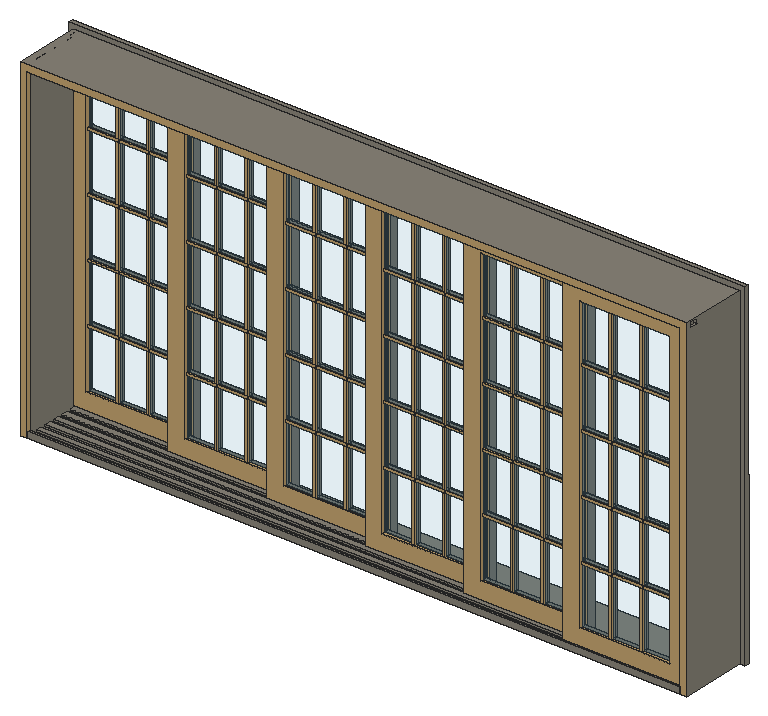
Revit family (continued)
Definition of nested family "Door_Section_Detail"
  Definition of nested family "Head_Detail"
    Lines and regions (in)
      detail lines, style "Cut Lines", in view "Ref. Level", visible <- "Panel 4"
        curve 26: line (-1.5, -8.76562, 0) -> (-1.5, -9.30469, 0)
        curve 27: line (-1.5, -9.30469, 0) -> (-0.25, -9.30469, 0)
        curve 28: line (-1.5, -8.76562, 0) -> (-0.25, -8.76562, 0)
        curve 41: line (-0.25, -11.77734, 0) -> (-0.25, -9.30469, 0)
      detail lines, style "Cut Lines", in view "Ref. Level", visible <- "Panel 3"
        curve 29: line (-1.5, -5.75391, 0) -> (-1.5, -6.29297, 0)
        curve 30: line (-1.5, -6.29297, 0) -> (-0.25, -6.29297, 0)
        curve 31: line (-1.5, -5.75391, 0) -> (-0.25, -5.75391, 0)
        curve 39: line (-0.25, -8.76562, 0) -> (-0.25, -6.29297, 0)
      detail lines, style "InvisibleLines", in view "Ref. Level"
        curve 36: line (-0.25, -3.28125, 0) -> (-0.25, -2.74219, 0)
      detail lines, style "InvisibleLines", in view "Ref. Level", visible <- "Panel 3"
        curve 38: line (-0.25, -6.29297, 0) -> (-0.25, -5.75391, 0)
      detail lines, style "InvisibleLines", in view "Ref. Level", visible <- "Panel 4"
        curve 40: line (-0.25, -9.30469, 0) -> (-0.25, -8.76562, 0)
      detail lines, style "InvisibleLines", in view "Ref. Level", visible <- "Panel 5"
        curve 42: line (-0.25, -12.31641, 0) -> (-0.25, -11.77734, 0)
      detail lines, style "InvisibleLines", in view "Ref. Level", visible <- "Panel 6"
        curve 44: line (-0.25, -15.32813, 0) -> (-0.25, -14.78906, 0)
    Dimensions and locks (in)
      "Jamb Depth": curve 11 to plane 1 "Center (Front/Back)"
      curve 11 to curve 14 to curve 18 = 0' - 0 25/32" locked, 0' - 0 1/4" locked
      locked: curve 22 to curve 20 at 0.25
      equal spacing: plane 8, plane 7, plane 6, plane 5, plane 4, plane 1 "Center (Front/Back)"
      curve 33 to plane 4 to curve 34 = 0' - 0 69/256" locked, 0' - 0 69/256" locked
      curve 30 to plane 5 to curve 31 = 0' - 0 69/256" locked, 0' - 0 69/256" locked
      curve 27 to plane 6 to curve 28 = 0' - 0 69/256" locked, 0' - 0 69/256" locked
      curve 24 to plane 7 to curve 25 = 0' - 0 69/256" locked, 0' - 0 69/256" locked
      curve 16 to plane 8 to curve 19 = 0' - 0 69/256" locked, 0' - 0 69/256" locked
    Automatic sketch dimensions
      curve 10 to plane 1 "Center (Front/Back)" = 0' - 0"
      curve 11 to plane 3 "Center (Left/Right)" = 0' - 0"
      curve 4 to plane 1 "Center (Front/Back)" = 0' - 0"
      curve 27 to plane 3 "Center (Left/Right)" = 0' - 0 1/4"
      curve 9 to plane 1 "Center (Front/Back)" = 0' - 0 13/32"
      curve 9 to plane 3 "Center (Left/Right)" = 0' - 0 27/32"
      curve 27 to curve 27 = 0' - 1 1/4"
      curve 19 to curve 19 = 0' - 1 1/4"
      curve 17 to curve 13 = 0' - 1 1/4"
      curve 20 to curve 8 = 0' - 0 21/32"
      curve 23 to curve 24 = 0' - 1 1/4"
      curve 34 to curve 34 = 0' - 1 1/4"
      curve 31 to curve 31 = 0' - 1 1/4"
      curve 20 to curve 20 = 0' - 0 5/16"
      curve 14 to curve 14 = 0' - 0.471"
      plane 3 "Center (Left/Right)" to curve 4 = 0' - 0.14"
      curve 2 to plane 1 "Center (Front/Back)" = 0' - 0.04499"
      curve 1 to curve 2 = 0' - 1.3275"
      plane 1 "Center (Front/Back)" to curve 5 = 0' - 0.11"
      curve 2 to curve 7 = 0' - 1.04851"
      curve 19 to plane 8 = 0' - 0 69/256"
      plane 8 to curve 16 = 0' - 0 69/256"
  Definition of nested family "Panel_Section"
    Parameters (values of type "Panel_Detail")
      Height = 7' - 11 9/32"
      Assembly Code = ""
    Reference planes (in)
      plane 1 "Bottom": y = 0
      plane 2: z = 0
      plane 3 "Center (Left/Right)": x = 0
      plane 4: x = 2.21875
      plane 5: y = 95.28125
    Lines and regions (in)
      detail lines, style "Cut Lines", in view "Ref. Level"
        curve 1: line (0.4863, 4.07825, 0) -> (0.4863, 91.203, 0)
        curve 2: line (0.6738, 4.07825, 0) -> (0.6738, 91.203, 0)
        curve 3: line (1.2363, 91.203, 0) -> (1.2363, 4.07825, 0)
        curve 4: line (1.4238, 4.07825, 0) -> (1.4238, 91.203, 0)
    Dimensions and locks (in)
      locked: plane 3 "Center (Left/Right)" to plane 4 at 2.21875
      "Height": plane 1 "Bottom" to plane 5
      aligned and locked: nested 2 to plane 5
      aligned and locked: nested 2 to plane 3 "Center (Left/Right)"
      aligned and locked: nested 1 to plane 1 "Bottom"
      aligned and locked: plane 3 "Center (Left/Right)" to nested 1
      aligned and locked: curve 1 to nested 1  (x2)
      aligned and locked: curve 2 to nested 1
      aligned and locked: nested 1 to curve 2
      aligned and locked: nested 2 to curve 2
      aligned and locked: curve 3 to nested 2
      aligned and locked: nested 1 to curve 3
      aligned and locked: nested 2 to curve 3
      aligned and locked: nested 1 to curve 4
      aligned and locked: curve 4 to nested 1
    Automatic sketch dimensions
      curve 4 to curve 3 = 0' - 0"
      curve 1 to curve 2 = 0' - 0"
    Nested families (in)
      nested 1: "Stile_Detail" at (0, 0, 0) x (0, 1, 0) z (0, 0, 1), type "Stile_Detail", in view "Ref. Level"
      nested 2: "Stile_Detail" at (0, 95.28125, 0) x (0, -1, 0) z (0, 0, 1), type "Stile_Detail", in view "Ref. Level"
    Definition of nested family "Stile_Detail"
      Parameters (values of type "Stile_Detail")
        Assembly Code = ""
      Reference planes (in)
        plane 1 "Center (Front/Back)": y = 0
        plane 2: z = 0
        plane 3 "Center (Left/Right)": x = 0
      Lines and regions (in)
        detail lines, style "Cut Lines", in view "Ref. Level"
          curve 1: line (0, 0, 0) -> (4.48438, 0, 0)
          curve 2: line (4.73438, -2.21875, 0) -> (0, -2.21875, 0)
          curve 3: line (4.73438, -0.39904, 0) -> (4.73438, -0.4375, 0)
          curve 4: line (0, -2.21875, 0) -> (0, 0, 0)
          curve 5: line (4.48438, 0, 0) -> (4.48438, -0.14904, 0)
          curve 6: line (4.48438, -0.14904, 0) -> (4.73438, -0.39904, 0)
          curve 7: line (4, -0.4375, 0) -> (4, -1.5, 0)
          curve 8: line (4, -0.4375, 0) -> (4.73438, -0.4375, 0)
          curve 9: line (4, -1.5, 0) -> (4.73438, -1.5, 0)
          curve 10: line (4.73438, -1.5, 0) -> (4.73438, -2.21875, 0)
          curve 11: line (4.07825, -0.4863, 0) -> (4.07825, -1.4238, 0)
          curve 12: line (4.38075, -0.6738, 0) -> (4.38075, -1.2363, 0)
  Definition of nested family "BMC_Detail"
    Parameters (values of type "BMC_Detail")
      Assembly Code = ""
    Reference planes (in)
      plane 1 "Center (Front/Back)": y = 0
      plane 2: z = 0
      plane 3 "Center (Left/Right)": x = 0
    Lines and regions (in)
      detail lines, style "Cut Lines", in view "Ref. Level"
        curve 1: line (-1.25, 0.71589, 0) -> (-1.25, 1.3125, 0)
        curve 2: line (-1.25, 1.3125, 0) -> (0, 1.3125, 0)
        curve 3: line (0, 0, 0) -> (-1.09375, 0, 0)
        curve 4: line (-1.09375, 0, 0) -> (-1.09375, 0.38081, 0)
        curve 5: line (-1.09375, 0.38081, 0) -> (-1.25, 0.71589, 0)
        curve 6: line (0, 0, 0) -> (0, 1.3125, 0)
  Definition of nested family "Flat_Casing_Detail"
    Parameters (values of type "Flat_Casing_Detail")
      Assembly Code = ""
    Reference planes (in)
      plane 1 "Center (Front/Back)": y = 0
      plane 2: z = 0
      plane 3 "Center (Left/Right)": x = 0
    Lines and regions (in)
      detail lines, style "Cut Lines", in view "Ref. Level"
        curve 1: line (-1.09375, 3, 0) -> (0, 3, 0)
        curve 2: line (0, 0, 0) -> (-1.09375, 0, 0)
        curve 3: line (-1.09375, 0, 0) -> (-1.09375, 3, 0)
        curve 4: line (0, 0, 0) -> (0, 3, 0)
  Definition of nested family "Sill_Detail"
    Parameters (values of type "Sill_Detail")
      Performance Sill = yes
      Panel 6 = yes
      Panel 5 = yes
      Panel 4 = yes
      Panel 3 = yes
      Jamb Depth = 1' - 6 55/64"
      Flush Sill = no
      Assembly Code = ""
    Reference planes (in)
      plane 1 "Center (Front/Back)": y = 0
      plane 2: z = 0
      plane 3 "Center (Left/Right)": x = 0
      plane 4: y = -1.50586
      plane 5: y = -4.51758
      plane 6: y = -7.5293
      plane 7: y = -10.54102
      plane 8: y = -13.55273
      plane 9: y = -16.56445
    Lines and regions (in)
      detail lines, style "Cut Lines", in view "Ref. Level"
        curve 1: line (0, 1.03125, 0) -> (0, -18.85938, 0)
        curve 2: line (0, 1.03125, 0) -> (0.75, 1.03125, 0)
        curve 3: line (0.75, 1.03125, 0) -> (0.75, -0.63177, 0)
        curve 10: line (0.75, -18.39062, 0) -> (0.75, -17.12695, 0)
        curve 11: line (0.75, -17.12695, 0) -> (0.25, -17.12695, 0)
        curve 13: line (0.75, -0.63177, 0) -> (0.25, -0.63177, 0)
        curve 23: line (0.75, -2.06836, 0) -> (0.75, -3.64258, 0)
        curve 24: line (0.75, -3.64258, 0) -> (0.25, -3.64258, 0)
        curve 25: line (0.75, -2.06836, 0) -> (0.25, -2.06836, 0)
        curve 26: line (0.25, -2.06836, 0) -> (0.25, -1.55751, 0)
        curve 28: line (0.25, -5.08008, 0) -> (0.25, -3.64258, 0)
        curve 37: line (0.75, -18.85938, 0) -> (0, -18.85938, 0)
        curve 38: line (0.375, -1.88086, 0) -> (0.375, -1.75586, 0)
        curve 39: line (1.21875, -0.81981, 0) -> (0.375, -0.81981, 0)
        curve 40: line (1.21875, -1.88086, 0) -> (0.375, -1.88086, 0)
        curve 41: line (0.965, -0.94481, 0) -> (0.375, -0.94481, 0)
        curve 42: line (0.965, -1.75586, 0) -> (0.965, -0.94481, 0)
        curve 43: line (0.375, -0.94481, 0) -> (0.375, -0.81981, 0)
        curve 76: line (0.65964, -4.29883, 0) -> (0.455, -4.29883, 0)
        curve 77: line (0.65964, -4.51758, 0) -> (0.455, -4.51758, 0)
        curve 78: line (0.65964, -4.29883, 0) -> (0.65964, -4.51758, 0)
        curve 79: line (0.455, -4.51758, 0) -> (0.37044, -4.67383, 0)
        curve 80: line (0.37044, -4.67383, 0) -> (0.25, -4.67383, 0)
        curve 81: line (0.455, -4.29883, 0) -> (0.37044, -4.14258, 0)
        curve 82: line (0.37044, -4.14258, 0) -> (0.25, -4.14258, 0)
        curve 83: line (0.25, -4.14258, 0) -> (0.25, -4.67383, 0)
        curve 84: line (0.25, -1.13177, 0) -> (0.375, -1.13177, 0)
        curve 85: line (0.25, -1.55751, 0) -> (0.375, -1.55751, 0)
        curve 86: line (0.25, -1.13177, 0) -> (0.25, -0.63177, 0)
        curve 87: line (0.965, -1.75586, 0) -> (0.375, -1.75586, 0)
        curve 88: line (0.375, -1.00877, 0) -> (0.965, -0.94481, 0)
        curve 89: line (0.375, -1.00877, 0) -> (0.375, -1.68052, 0)
        curve 90: line (0.375, -1.68052, 0) -> (0.965, -1.74447, 0)
        curve 91: line (0.965, -1.01515, 0) -> (0.46875, -1.0929, 0)
        curve 92: line (0.46875, -1.59638, 0) -> (0.965, -1.67498, 0)
        curve 93: line (0.46875, -1.0929, 0) -> (0.46875, -1.59638, 0)
      detail lines, style "Cut Lines", in view "Ref. Level", visible <- "Performance Sill"
        curve 4: line (1.8125, -18.85938, 0) -> (0.75, -18.85938, 0)
        curve 5: line (1.8125, -18.39062, 0) -> (1.8125, -18.85938, 0)
        curve 7: line (1.8125, -18.39062, 0) -> (0.75, -18.39062, 0)
      detail lines, style "Cut Lines", in view "Ref. Level", visible <- "Panel 6"
        curve 6: line (0.25, -17.12695, 0) -> (0.25, -15.68945, 0)
        curve 8: line (0.75, -14.11523, 0) -> (0.75, -15.68945, 0)
        curve 9: line (0.75, -15.68945, 0) -> (0.25, -15.68945, 0)
        curve 12: line (0.75, -14.11523, 0) -> (0.25, -14.11523, 0)
        curve 44: line (0.65964, -16.3457, 0) -> (0.455, -16.3457, 0)
        curve 45: line (0.65964, -16.56445, 0) -> (0.455, -16.56445, 0)
        curve 46: line (0.65964, -16.3457, 0) -> (0.65964, -16.56445, 0)
        curve 47: line (0.455, -16.56445, 0) -> (0.37044, -16.7207, 0)
        curve 48: line (0.37044, -16.7207, 0) -> (0.25, -16.7207, 0)
        curve 49: line (0.455, -16.3457, 0) -> (0.37044, -16.18945, 0)
        curve 50: line (0.37044, -16.18945, 0) -> (0.25, -16.18945, 0)
        curve 51: line (0.25, -16.18945, 0) -> (0.25, -16.7207, 0)
      detail lines, style "Cut Lines", in view "Ref. Level", visible <- "Panel 5"
        curve 14: line (0.75, -11.10352, 0) -> (0.75, -12.67773, 0)
        curve 15: line (0.75, -12.67773, 0) -> (0.25, -12.67773, 0)
        curve 16: line (0.75, -11.10352, 0) -> (0.25, -11.10352, 0)
        curve 34: line (0.25, -14.11523, 0) -> (0.25, -12.67773, 0)
        curve 52: line (0.65964, -13.33398, 0) -> (0.455, -13.33398, 0)
        curve 53: line (0.65964, -13.55273, 0) -> (0.455, -13.55273, 0)
        curve 54: line (0.65964, -13.33398, 0) -> (0.65964, -13.55273, 0)
        curve 55: line (0.455, -13.55273, 0) -> (0.37044, -13.70898, 0)
        curve 56: line (0.37044, -13.70898, 0) -> (0.25, -13.70898, 0)
        curve 57: line (0.455, -13.33398, 0) -> (0.37044, -13.17773, 0)
        curve 58: line (0.37044, -13.17773, 0) -> (0.25, -13.17773, 0)
        curve 59: line (0.25, -13.17773, 0) -> (0.25, -13.70898, 0)
      detail lines, style "Cut Lines", in view "Ref. Level", visible <- "Panel 4"
        curve 17: line (0.75, -8.0918, 0) -> (0.75, -9.66602, 0)
        curve 18: line (0.75, -9.66602, 0) -> (0.25, -9.66602, 0)
        curve 19: line (0.75, -8.0918, 0) -> (0.25, -8.0918, 0)
        curve 32: line (0.25, -11.10352, 0) -> (0.25, -9.66602, 0)
        curve 60: line (0.65964, -10.32227, 0) -> (0.455, -10.32227, 0)
        curve 61: line (0.65964, -10.54102, 0) -> (0.455, -10.54102, 0)
        curve 62: line (0.65964, -10.32227, 0) -> (0.65964, -10.54102, 0)
        curve 63: line (0.455, -10.54102, 0) -> (0.37044, -10.69727, 0)
        curve 64: line (0.37044, -10.69727, 0) -> (0.25, -10.69727, 0)
        curve 65: line (0.455, -10.32227, 0) -> (0.37044, -10.16602, 0)
        curve 66: line (0.37044, -10.16602, 0) -> (0.25, -10.16602, 0)
        curve 67: line (0.25, -10.16602, 0) -> (0.25, -10.69727, 0)
      detail lines, style "Cut Lines", in view "Ref. Level", visible <- "Panel 3"
        curve 20: line (0.75, -5.08008, 0) -> (0.75, -6.6543, 0)
        curve 21: line (0.75, -6.6543, 0) -> (0.25, -6.6543, 0)
        curve 22: line (0.75, -5.08008, 0) -> (0.25, -5.08008, 0)
        curve 30: line (0.25, -8.0918, 0) -> (0.25, -6.6543, 0)
        curve 68: line (0.65964, -7.31055, 0) -> (0.455, -7.31055, 0)
        curve 69: line (0.65964, -7.5293, 0) -> (0.455, -7.5293, 0)
        curve 70: line (0.65964, -7.31055, 0) -> (0.65964, -7.5293, 0)
        curve 71: line (0.455, -7.5293, 0) -> (0.37044, -7.68555, 0)
        curve 72: line (0.37044, -7.68555, 0) -> (0.25, -7.68555, 0)
        curve 73: line (0.455, -7.31055, 0) -> (0.37044, -7.1543, 0)
        curve 74: line (0.37044, -7.1543, 0) -> (0.25, -7.1543, 0)
        curve 75: line (0.25, -7.1543, 0) -> (0.25, -7.68555, 0)
      detail lines, style "InvisibleLines", in view "Ref. Level"
        curve 27: line (0.25, -3.64258, 0) -> (0.25, -2.06836, 0)
      detail lines, style "InvisibleLines", in view "Ref. Level", visible <- "Panel 3"
        curve 29: line (0.25, -6.6543, 0) -> (0.25, -5.08008, 0)
      detail lines, style "InvisibleLines", in view "Ref. Level", visible <- "Panel 4"
        curve 31: line (0.25, -9.66602, 0) -> (0.25, -8.0918, 0)
      detail lines, style "InvisibleLines", in view "Ref. Level", visible <- "Panel 5"
        curve 33: line (0.25, -12.67773, 0) -> (0.25, -11.10352, 0)
      detail lines, style "InvisibleLines", in view "Ref. Level", visible <- "Panel 6"
        curve 35: line (0.25, -15.68945, 0) -> (0.25, -14.11523, 0)
      detail lines, style "Cut Lines", in view "Ref. Level", visible <- "Flush Sill"
        curve 36: line (0.75, -18.39062, 0) -> (0.75, -18.85938, 0)
    Dimensions and locks (in)
      "Jamb Depth": curve 37 to plane 1 "Center (Front/Back)"
      plane 9 to plane 8 to plane 7 to plane 6 to plane 5 to plane 4 to plane 1 "Center (Front/Back)" = 0' - 3 3/256" locked, 0' - 3 3/256" locked, 0' - 3 3/256" locked, 0' - 3 3/256" locked, 0' - 3 3/256" locked, 0' - 1.50586" locked
      locked: plane 1 "Center (Front/Back)" to curve 2 at 1.03125
      curve 25 to plane 4 to curve 13 = 0' - 0 9/16" locked, 0' - 0.87409" locked
      curve 24 to plane 5 to curve 22 = 0' - 0 7/8" locked, 0' - 0 9/16" locked
      curve 21 to plane 6 to curve 19 = 0' - 0 7/8" locked, 0' - 0 9/16" locked
      curve 18 to plane 7 to curve 16 = 0' - 0 7/8" locked, 0' - 0 9/16" locked
      curve 15 to plane 8 to curve 12 = 0' - 0 7/8" locked, 0' - 0 9/16" locked
      locked: curve 9 to plane 9 at 0.875
      curve 11 to curve 7 to curve 37 = 0' - 1.26367" locked, 0' - 0 15/32" locked
      locked: plane 3 "Center (Left/Right)" to curve 5 at 1.8125
      locked: plane 3 "Center (Left/Right)" to curve 3 at 0.75
      curve 58 to plane 8 to curve 56 = 0' - 0 3/8" locked, 0' - 0 5/32" locked
      curve 66 to plane 7 to curve 64 = 0' - 0 3/8" locked, 0' - 0 5/32" locked
      curve 74 to plane 6 to curve 72 = 0' - 0 3/8" locked, 0' - 0 5/32" locked
      curve 82 to plane 5 to curve 80 = 0' - 0 3/8" locked, 0' - 0 5/32" locked
      curve 50 to plane 9 to curve 48 = 0' - 0 3/8" locked, 0' - 0 5/32" locked
      aligned and locked: curve 3 to curve 23
      aligned and locked: curve 3 to curve 20
      aligned and locked: curve 3 to curve 17
      aligned and locked: curve 3 to curve 14
      aligned and locked: curve 3 to curve 8
      aligned and locked: curve 10 to curve 3
    Automatic sketch dimensions
      curve 1 to plane 3 "Center (Left/Right)" = 0' - 0"
      curve 63 to plane 7 = 0' - 0"
      curve 47 to plane 9 = 0' - 0"
      curve 53 to plane 8 = 0' - 0"
      curve 79 to plane 5 = 0' - 0"
      curve 69 to plane 6 = 0' - 0"
      plane 3 "Center (Left/Right)" to curve 86 = 0' - 0 1/4"
      plane 4 to curve 85 = 0' - 0.05165"
      plane 3 "Center (Left/Right)" to curve 85 = 0' - 0 1/4"
      plane 3 "Center (Left/Right)" to curve 83 = 0' - 0 1/4"
      curve 51 to curve 50 = 0' - 0"
      plane 3 "Center (Left/Right)" to curve 75 = 0' - 0 1/4"
      plane 3 "Center (Left/Right)" to curve 56 = 0' - 0 1/4"
      plane 3 "Center (Left/Right)" to curve 67 = 0' - 0 1/4"
      curve 58 to curve 57 = 0' - 0.12044"
      curve 64 to curve 64 = 0' - 0.12044"
      curve 66 to curve 65 = 0' - 0.12044"
      curve 72 to curve 71 = 0' - 0.12044"
      curve 74 to curve 73 = 0' - 0.12044"
      curve 56 to curve 56 = 0' - 0.12044"
      curve 80 to curve 79 = 0' - 0.12044"
      curve 82 to curve 81 = 0' - 0.12044"
      curve 50 to curve 50 = 0' - 0.12044"
      curve 48 to curve 48 = 0' - 0.12044"
      curve 84 to curve 89 = 0' - 0 1/8"
      curve 43 to curve 88 = 0' - 0"
      curve 87 to curve 89 = 0' - 0"
      plane 9 to curve 49 = 0' - 0 7/32"
      curve 49 to curve 49 = 0' - 0.08456"
      curve 63 to curve 63 = 0' - 0.08456"
      curve 47 to curve 47 = 0' - 0.08456"
      plane 7 to curve 65 = 0' - 0 7/32"
      curve 65 to curve 65 = 0' - 0.08456"
      curve 81 to curve 76 = 0' - 0.08456"
      curve 57 to curve 52 = 0' - 0.08456"
      curve 55 to curve 53 = 0' - 0.08456"
      curve 79 to curve 79 = 0' - 0.08456"
      curve 73 to plane 6 = 0' - 0 7/32"
      curve 73 to curve 73 = 0' - 0.08456"
      curve 71 to curve 69 = 0' - 0.08456"
      plane 4 to curve 92 = 0' - 0.09052"
      curve 85 to curve 92 = 0' - 0 3/32"
      curve 61 to curve 61 = 0' - 0.20464"
      curve 52 to curve 52 = 0' - 0.20464"
      curve 77 to curve 78 = 0' - 0.20464"
      curve 45 to curve 46 = 0' - 0.20464"
      curve 68 to curve 68 = 0' - 0.20464"
      plane 4 to curve 92 = 0' - 0.16912"
      curve 23 to curve 92 = 0' - 0.215"
      curve 42 to curve 40 = 0' - 0.25375"
      curve 41 to curve 39 = 0' - 0.25375"
      curve 52 to plane 8 = 0' - 0 7/32"
      curve 81 to curve 81 = 0' - 0 5/32"
      curve 40 to curve 92 = 0' - 0.20588"
      curve 87 to curve 92 = 0' - 0.08088"
      curve 42 to curve 90 = 0' - 0.01139"
      curve 38 to curve 90 = 0' - 0.07534"
      curve 84 to plane 4 = 0' - 0.37409"
      curve 84 to curve 93 = 0' - 0.03887"
      curve 91 to curve 3 = 0' - 0.38338"
      curve 84 to curve 89 = 0' - 0.123"
      curve 91 to curve 88 = 0' - 0.07034"
      curve 41 to curve 39 = 0' - 0 1/8"
Definition of nested family "Door_Plan_Detail"
  Parameters (values of type "Door_Plan_Detail")
    Width = 16' - 0"
    Stile Overlap = 0' - 4 47/64"
    Panel Width = 2' - 11 163/256"
    Panel 6 = yes
    Panel 5 = yes
    Panel 4 = yes
    Panel 3 = yes
    Number of Panels = 6
    Jamb Depth = 1' - 6 55/64"
    Casing = no
    Assembly Code = ""
  Reference planes (in)
    plane 1 "Center (Front/Back)": y = 0
    plane 2: z = 0
    plane 3 "Center (Left/Right)": x = 0
    plane 4: x = -96
    plane 5: x = 96
    plane 6: y = -18.85937
    plane 7: x = -95.07812
    plane 8: x = 95.07812
    plane 9: x = -28.53906
    plane 10: x = -33.27344
    plane 11: x = -59.44141
    plane 12: x = 59.44141
    plane 13: x = -64.17578
    plane 14: x = 2.36328
    plane 15: y = -0.375
    plane 16: y = -3.39453
    plane 17: y = -6.41406
    plane 18: y = -9.43359
    plane 19: x = -2.37109
    plane 20: x = 28.53125
    plane 21: x = 33.26563
    plane 22: y = -12.45313
    plane 23: y = -15.47266
  Lines and regions (in)
    Masking region 1, in view "Ref. Level"
      outline origin (0, 0, 0) x (1, 0, 0) y (0, 1, 0)
        loop
          line (-96, 1.0935) -> (-96, -18.85937) -> (96, -18.85937) -> (96, 1.0935) -> (-96, 1.0935)
  Dimensions and locks (in)
    equal spacing: plane 4, plane 3 "Center (Left/Right)", plane 5
    "Width": plane 4 to plane 5
    "Jamb Depth": plane 6 to plane 1 "Center (Front/Back)"
    locked: plane 4 to plane 7 at 0.92188
    "Stile Overlap": plane 10 to plane 9
    locked: plane 8 to plane 5 at 0.92188
    "Stile Overlap": plane 13 to plane 11
    "Panel Width": plane 7 to plane 11
    "Panel Width": plane 13 to plane 9
    "Panel Width": plane 10 to plane 14
    "Panel Width": plane 12 to plane 8
    locked: plane 18 to plane 17 at 3.01953
    locked: plane 17 to plane 16 at 3.01953
    locked: plane 16 to plane 15 at 3.01953
    locked: plane 15 to plane 1 "Center (Front/Back)" at 0.375
    "Stile Overlap": plane 21 to plane 20
    "Panel Width": plane 19 to plane 21
    locked: plane 22 to plane 18 at 3.01953
    locked: plane 6 to plane 23 at 3.38672
    "Stile Overlap": plane 19 to plane 14
    aligned and locked: plane 4 to nested 1
    aligned and locked: plane 1 "Center (Front/Back)" to nested 1
    aligned and locked: nested 2 to plane 5
    aligned and locked: plane 1 "Center (Front/Back)" to nested 2
    aligned and locked: plane 7 to nested 3
    aligned and locked: plane 15 to nested 3
    aligned and locked: plane 16 to nested 4
    aligned and locked: plane 13 to nested 4
    aligned and locked: plane 10 to nested 5
    aligned and locked: plane 17 to nested 5
    aligned and locked: plane 12 to nested 6
    aligned and locked: plane 23 to nested 6
    aligned and locked: plane 19 to nested 7
    aligned and locked: plane 18 to nested 7
    aligned and locked: nested 8 to plane 20
    aligned and locked: plane 22 to nested 8
    aligned and locked: nested 1 to Masking region 1 sketch curve
    aligned and locked: Masking region 1 sketch curve to nested 1
    aligned and locked: nested 2 to Masking region 1 sketch curve
    aligned and locked: Masking region 1 sketch curve to nested 2
  Nested families (in)
    nested 1: "Jamb_Detail_2" at (-96, 0, 0), type "Jamb_Detail", in view "Ref. Level"
    nested 2: "Jamb_Detail" at (96, 0, 0), type "Jamb_Detail", in view "Ref. Level"
      with Not Casing yes, Casing no
    nested 3: "Panel_Detail" at (-77.25977, -0.375, 0), type "Panel", in view "Ref. Level"
      with Meeting Flange no, Width 2' - 11 163/256"
    nested 4: "Panel_Detail" at (-46.35742, -3.39453, 0), visible <- "Panel 3", type "Panel", in view "Ref. Level"
      with Meeting Flange yes, Width 2' - 11 163/256"
    nested 5: "Panel_Detail" at (-15.45508, -6.41406, 0), visible <- "Panel 4", type "Panel", in view "Ref. Level"
      with Meeting Flange yes, Width 2' - 11 163/256"
    nested 6: "Panel_Detail" at (77.25977, -15.47266, 0), type "Panel", in view "Ref. Level"
      with Meeting Flange yes, Width 2' - 11 163/256"
    nested 7: "Panel_Detail" at (15.44727, -9.43359, 0), visible <- "Panel 5", type "Panel", in view "Ref. Level"
      with Meeting Flange yes, Width 2' - 11 163/256"
    nested 8: "Panel_Detail" at (46.34961, -12.45313, 0), visible <- "Panel 6", type "Panel", in view "Ref. Level"
      with Meeting Flange yes, Width 2' - 11 163/256"
  Definition of nested family "Jamb_Detail_2"
    Parameters (values of type "Jamb_Detail")
      Not Casing = not(Casing)  # yes
      Jamb Depth = 1' - 6 55/64"
      Casing = no
      Assembly Code = ""
    Reference planes (in)
      plane 1 "Center (Front/Back)": y = 0
      plane 2: z = 0
      plane 3 "Center (Left/Right)": x = 0
    Lines and regions (in)
      detail lines, style "Cut Lines", in view "Ref. Level", visible <- "Not Casing", detail levels fine
        curve 1: line (-0.14, 0, 0) -> (-1.4675, 0, 0)
        curve 2: line (-1.4675, 0.04499, 0) -> (0, 0.04499, 0)
        curve 3: line (-1.4675, 0, 0) -> (-1.4675, 0.04499, 0)
        curve 4: line (-0.14, -0.11, 0) -> (-0.14, 0, 0)
        curve 5: line (0, -0.11, 0) -> (-0.14, -0.11, 0)
      detail lines, style "Cut Lines", in view "Ref. Level", detail levels fine
        curve 6: line (0, 1.0935, 0) -> (0, -18.85938, 0)
        curve 7: line (0, 1.0935, 0) -> (0.84375, 1.0935, 0)
        curve 8: line (0.84375, 1.0935, 0) -> (0.84375, 0.4375, 0)
        curve 9: line (0.84375, 0.4375, 0) -> (1.8125, 0.4375, 0)
        curve 10: line (1.8125, 0.4375, 0) -> (1.8125, 0, 0)
        curve 11: line (1.4375, 0, 0) -> (1.8125, 0, 0)
        curve 12: line (1.96875, -18.85938, 0) -> (0, -18.85938, 0)
        curve 13: line (1.4375, 0, 0) -> (1.4375, -0.25, 0)
        curve 14: line (0.801, -2.625, 0) -> (0.801, -0.25, 0)
        curve 15: line (1.4375, -0.25, 0) -> (0.801, -0.25, 0)
        curve 16: line (1.96875, -2.625, 0) -> (1.96875, -18.85938, 0)
        curve 17: line (0.801, -2.625, 0) -> (1.96875, -2.625, 0)
      detail lines, style "Frame Cut", in view "Ref. Level", detail levels coarse+medium
        curve 18: line (0, 1.0935, 0) -> (0, -18.85938, 0)
        curve 19: line (0, -18.85938, 0) -> (1.96875, -18.85938, 0)
        curve 20: line (1.96875, -18.85938, 0) -> (1.96875, -2.594, 0)
        curve 21: line (0, 1.0935, 0) -> (1.96875, 1.0935, 0)
        curve 22: line (1.96875, -0.37525, 0) -> (1.96875, 1.0935, 0)
    Dimensions and locks (in)
      "Jamb Depth": curve 12 to plane 1 "Center (Front/Back)"
      curve 20 to curve 22 to plane 1 "Center (Front/Back)" = 0' - 2 7/32" locked, 0' - 0.37525" locked
      aligned and locked: curve 18 to plane 3 "Center (Left/Right)"
      aligned and locked: curve 20 to curve 22
      aligned and locked: curve 12 to curve 19
      aligned and locked: curve 16 to curve 20
    Automatic sketch dimensions
      curve 1 to plane 1 "Center (Front/Back)" = 0' - 0"
      curve 13 to plane 1 "Center (Front/Back)" = 0' - 0"
      curve 5 to plane 3 "Center (Left/Right)" = 0' - 0.14"
      curve 3 to plane 1 "Center (Front/Back)" = 0' - 0.04499"
      curve 3 to curve 1 = 0' - 1.3275"
      plane 3 "Center (Left/Right)" to curve 14 = 0' - 0.801"
      curve 14 to curve 8 = 0' - 0.04275"
      curve 14 to curve 13 = 0' - 0.6365"
      curve 11 to curve 11 = 0' - 0 3/8"
      curve 9 to curve 21 = 0' - 0 5/32"
      curve 16 to curve 20 = 0' - 0.031"
      plane 1 "Center (Front/Back)" to curve 15 = 0' - 0 1/4"
      curve 4 to curve 1 = 0' - 0.11"
      curve 8 to plane 1 "Center (Front/Back)" = 0' - 0 7/16"
      curve 2 to curve 6 = 0' - 1.04851"
  Definition of nested family "Jamb_Detail"
    Parameters (values of type "Jamb_Detail")
      Not Casing = not(Casing)  # no
      Jamb Depth = 1' - 6 55/64"
      Casing = yes
      Assembly Code = ""
    Reference planes (in)
      plane 1 "Center (Front/Back)": y = 0
      plane 2: z = 0
      plane 3 "Center (Left/Right)": x = 0
    Lines and regions (in)
      detail lines, style "Cut Lines", in view "Ref. Level", visible <- "Not Casing", detail levels fine
        curve 1: line (0.14, 0, 0) -> (1.4675, 0, 0)
        curve 2: line (1.4675, 0.04499, 0) -> (0, 0.04499, 0)
        curve 3: line (1.4675, 0, 0) -> (1.4675, 0.04499, 0)
        curve 4: line (0.14, -0.11, 0) -> (0.14, 0, 0)
        curve 5: line (0, -0.11, 0) -> (0.14, -0.11, 0)
      detail lines, style "Cut Lines", in view "Ref. Level", detail levels fine
        curve 6: line (0, 1.0935, 0) -> (0, -18.85938, 0)
        curve 7: line (0, 1.0935, 0) -> (-0.84375, 1.0935, 0)
        curve 8: line (-0.84375, 1.0935, 0) -> (-0.84375, 0.40625, 0)
        curve 9: line (-0.84375, 0.40625, 0) -> (-1.8125, 0.40625, 0)
        curve 10: line (-1.8125, 0.40625, 0) -> (-1.8125, -15.07812, 0)
        curve 11: line (-1.971, -18.85938, 0) -> (0, -18.85938, 0)
        curve 12: line (-1.971, -18.07813, 0) -> (-1.971, -18.85938, 0)
        curve 13: line (-0.8125, -17.82813, 0) -> (-0.8125, -15.32813, 0)
        curve 14: line (-1.971, -18.07813, 0) -> (-1.5, -18.07813, 0)
        curve 15: line (-1.5, -15.07812, 0) -> (-1.8125, -15.07812, 0)
        curve 16: line (-1.5, -15.07812, 0) -> (-1.5, -15.32813, 0)
        curve 17: line (-1.5, -15.32813, 0) -> (-0.8125, -15.32813, 0)
        curve 18: line (-1.5, -18.07813, 0) -> (-1.5, -17.82813, 0)
        curve 19: line (-1.5, -17.82813, 0) -> (-0.8125, -17.82813, 0)
      detail lines, style "Frame Cut", in view "Ref. Level", detail levels coarse+medium
        curve 20: line (0, 1.0935, 0) -> (0, -18.85938, 0)
        curve 21: line (-1.8125, 1.0935, 0) -> (0, 1.0935, 0)
        curve 22: line (-1.8125, 1.0935, 0) -> (-1.8125, -15.48437, 0)
        curve 23: line (0, -18.85938, 0) -> (-1.971, -18.85937, 0)
        curve 24: line (-1.971, -18.85938, 0) -> (-1.971, -17.70312, 0)
    Dimensions and locks (in)
      "Jamb Depth": curve 11 to plane 1 "Center (Front/Back)"
      curve 11 to curve 14 to curve 19 to curve 17 to curve 15 = 0' - 0 25/32" locked, 0' - 0 1/4" locked, 0' - 2 1/2" locked, 0' - 0 1/4" locked
      curve 22 to curve 24 to curve 23 = 0' - 2 7/32" locked, 0' - 1 5/32" locked
      aligned and locked: curve 20 to plane 3 "Center (Left/Right)"
      aligned and locked: curve 22 to curve 10
      aligned and locked: curve 21 to curve 7
      aligned and locked: curve 11 to curve 23
      aligned and locked: curve 12 to curve 24
    Automatic sketch dimensions
      curve 4 to plane 1 "Center (Front/Back)" = 0' - 0"
      curve 13 to plane 3 "Center (Left/Right)" = 0' - 0 13/16"
      curve 8 to plane 1 "Center (Front/Back)" = 0' - 0 13/32"
      curve 8 to plane 3 "Center (Left/Right)" = 0' - 0 27/32"
      curve 14 to curve 13 = 0' - 0 11/16"
      curve 15 to curve 13 = 0' - 0 11/16"
      curve 15 to curve 15 = 0' - 0 5/16"
      curve 14 to curve 14 = 0' - 0.471"
      plane 3 "Center (Left/Right)" to curve 4 = 0' - 0.14"
      curve 2 to plane 1 "Center (Front/Back)" = 0' - 0.04499"
      curve 1 to curve 2 = 0' - 1.3275"
      plane 1 "Center (Front/Back)" to curve 5 = 0' - 0.11"
      curve 2 to curve 21 = 0' - 1.04851"
  Definition of nested family "Panel_Detail"
    Parameters (values of type "Panel")
      Width = 4' - 2 19/128"
      Meeting Flange [instance] = yes
      Assembly Code = ""
    Types (2): name
      Panel
      Panel_Cntpry
    Reference planes (in)
      plane 1 "Center (Front/Back)": y = 0
      plane 2: z = 0
      plane 3 "Center (Left/Right)": x = 0
      plane 4: x = -25.07422
      plane 5: x = 25.07422
    Lines and regions (in)
      detail lines, style "Cut Lines", in view "Ref. Level", detail levels fine
        curve 1: line (-20.99597, -0.4863, 0) -> (20.99597, -0.4863, 0)
        curve 2: line (-20.99597, -0.6738, 0) -> (20.99597, -0.6738, 0)
        curve 3: line (-20.99597, -1.2363, 0) -> (20.99597, -1.2363, 0)
        curve 4: line (-20.99597, -1.4238, 0) -> (20.99597, -1.4238, 0)
      detail lines, style "Cut Lines", in view "Ref. Level", visible <- "Meeting Flange", detail levels fine
        curve 5: line (-22.37453, 0.53125, 0) -> (-24.48047, 0.53125, 0)
        curve 6: line (-24.48047, 0.53125, 0) -> (-24.48047, 0, 0)
        curve 7: line (-22.66797, 0, 0) -> (-22.66797, 0.40625, 0)
        curve 8: line (-22.66797, 0.40625, 0) -> (-21.93785, 0.40625, 0)
        curve 9: line (-22.58984, 0.25, 0) -> (-20.33984, 0.25, 0)
        curve 10: line (-21.6533, 0.64917, 0) -> (-21.85622, 0.35937, 0)
        curve 11: line (-20.33984, 0.25, 0) -> (-20.33984, 0.80078, 0)
        curve 12: line (-21.93785, 0.40625, 0) -> (-21.82422, 0.56853, 0)
        curve 13: line (-21.82422, 0.60937, 0) -> (-22.31983, 0.60938, 0)
        curve 14: line (-21.82422, 0.60937, 0) -> (-21.82422, 0.56853, 0)
        curve 15: line (-21.85622, 0.35937, 0) -> (-22.53564, 0.35938, 0)
        curve 16: line (-22.53564, 0.35938, 0) -> (-22.58984, 0.3341, 0)
        curve 17: line (-22.58984, 0.3341, 0) -> (-22.58984, 0.25, 0)
        curve 18: line (-21.6533, 0.64917, 0) -> (-21.6533, 0.80078, 0)
        curve 19: line (-22.37453, 0.53125, 0) -> (-22.31983, 0.60938, 0)
      detail lines, style "Panel Cut", in view "Ref. Level", detail levels coarse+medium
        curve 20: line (-25.07422, -2.21875, 0) -> (-25.07422, 0, 0)
        curve 21: line (-25.07422, 0, 0) -> (-20.33984, 0, 0)
        curve 22: line (-20.33984, 0, 0) -> (-20.33984, -2.21875, 0)
        curve 23: line (-20.33984, -2.21875, 0) -> (-25.07422, -2.21875, 0)
        curve 24: line (20.33984, 0, 0) -> (20.33984, -2.21875, 0)
        curve 25: line (20.33984, -2.21875, 0) -> (25.07422, -2.21875, 0)
        curve 26: line (25.07422, -2.21875, 0) -> (25.07422, 0, 0)
        curve 27: line (25.07422, 0, 0) -> (20.33984, 0, 0)
        curve 28: line (-20.33984, -1.10937, 0) -> (20.33984, -1.10938, 0)
      detail lines, in view "Ref. Level", detail levels coarse+medium
        curve 29: line (-20.33984, 0, 0) -> (20.33984, 0, 0)
        curve 30: line (-20.33984, -2.21875, 0) -> (20.33984, -2.21875, 0)
    Dimensions and locks (in)
      equal spacing: plane 4, plane 3 "Center (Left/Right)", plane 5
      "Width": plane 4 to plane 5
      aligned and locked: plane 4 to nested 1
      aligned and locked: plane 1 "Center (Front/Back)" to nested 1
      aligned and locked: nested 2 to plane 5
      aligned and locked: nested 2 to plane 1 "Center (Front/Back)"
      aligned and locked: curve 1 to nested 1  (x2)
      aligned and locked: nested 1 to curve 4
      aligned and locked: curve 4 to nested 1
      aligned and locked: nested 1 to curve 2
      aligned and locked: nested 2 to curve 2
      aligned and locked: nested 1 to curve 3
      aligned and locked: nested 2 to curve 3
      aligned and locked: curve 1 to nested 2
      aligned and locked: nested 2 to curve 4
      aligned and locked: nested 1 to curve 11
      aligned and locked: curve 20 to nested 1
      aligned and locked: curve 21 to nested 1
      aligned and locked: curve 22 to nested 1
      aligned and locked: curve 23 to nested 1
      aligned and locked: curve 24 to nested 2
      aligned and locked: curve 25 to nested 2
      aligned and locked: curve 26 to nested 2
      aligned and locked: curve 27 to nested 2
      aligned and locked: plane 1 "Center (Front/Back)" to curve 29
    Automatic sketch dimensions
      plane 4 to curve 5 = 0' - 0 19/32"
      curve 7 to curve 1 = 0' - 1.672"
      curve 7 to curve 17 = 0' - 0 5/64"
      curve 16 to plane 1 "Center (Front/Back)" = 0' - 0 23/64"
      curve 16 to curve 16 = 0' - 0.05421"
      curve 19 to plane 1 "Center (Front/Back)" = 0' - 0 17/32"
      curve 15 to curve 19 = 0' - 0.16111"
      curve 5 to curve 13 = 0' - 0 7/128"
      curve 13 to curve 8 = 0' - 0.38198"
      curve 8 to curve 15 = 0' - 0.08163"
      curve 8 to curve 13 = 0' - 0.11363"
      curve 13 to curve 18 = 0' - 0.17092"
      curve 4 to curve 3 = 0' - 0 3/16"
      curve 3 to curve 28 = 0' - 0.12693"
      curve 2 to curve 1 = 0' - 0 3/16"
      curve 17 to curve 15 = 0' - 0 7/64"
      curve 16 to curve 15 = 0' - 0.02528"
      curve 10 to curve 12 = 0' - 0 3/64"
      curve 8 to curve 14 = 0' - 0.16228"
      curve 5 to curve 13 = 0' - 0 5/64"
      curve 13 to curve 18 = 0' - 0.0398"
      curve 10 to curve 18 = 0' - 0.15161"
      curve 9 to curve 11 = 0' - 0 141/256"
    Nested families (in)
      nested 1: "Stile_Detail" at (-25.07422, 0, 0), type "Stile_Detail", in view "Ref. Level", detail levels fine
      nested 2: "Stile_Detail" at (25.07422, 0, 0) x (-1, 0, 0) z (0, 0, 1), type "Stile_Detail", in view "Ref. Level", detail levels fine
    Definition of nested family "Stile_Detail"
      Parameters (values of type "Stile_Detail")
        Assembly Code = ""
      Reference planes (in)
        plane 1 "Center (Front/Back)": y = 0
        plane 2: z = 0
        plane 3 "Center (Left/Right)": x = 0
      Lines and regions (in)
        detail lines, style "Cut Lines", in view "Ref. Level"
          curve 1: line (0, 0, 0) -> (4.48438, 0, 0)
          curve 2: line (4.73438, -2.21875, 0) -> (0, -2.21875, 0)
          curve 3: line (4.73438, -0.39904, 0) -> (4.73438, -0.4375, 0)
          curve 4: line (0, -2.21875, 0) -> (0, 0, 0)
          curve 5: line (4.48438, 0, 0) -> (4.48438, -0.14904, 0)
          curve 6: line (4.48438, -0.14904, 0) -> (4.73438, -0.39904, 0)
          curve 7: line (4, -0.4375, 0) -> (4, -1.5, 0)
          curve 8: line (4, -0.4375, 0) -> (4.73438, -0.4375, 0)
          curve 9: line (4, -1.5, 0) -> (4.73438, -1.5, 0)
          curve 10: line (4.73438, -1.5, 0) -> (4.73438, -2.21875, 0)
          curve 11: line (4.07825, -0.4863, 0) -> (4.07825, -1.4238, 0)
          curve 12: line (4.38075, -0.6738, 0) -> (4.38075, -1.2363, 0)
